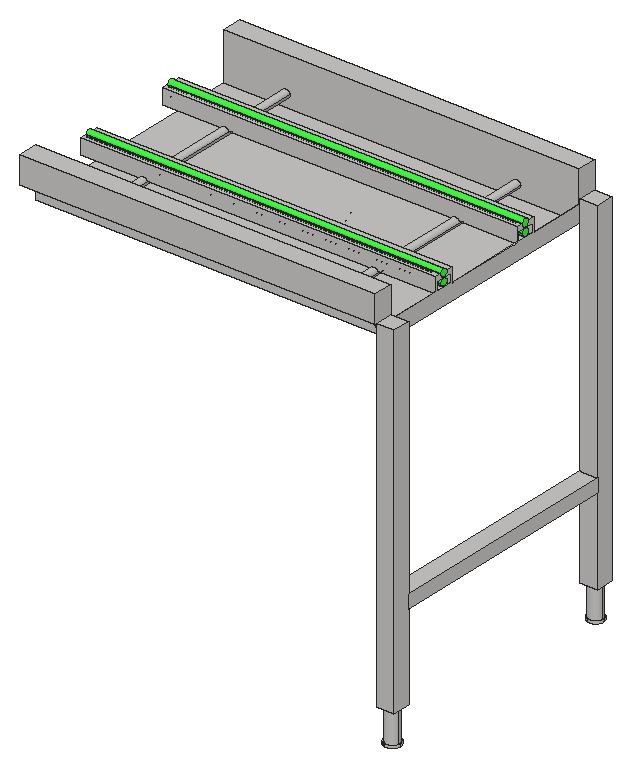
Revit family "QF_ELECTROLUXPROFESSIONAL_863146_HSBCC8", category Specialty Equipment, Revit 2018
Family settings
  Round Connector Dimension = Use Diameter
  Part Type = Normal
  Work Plane-Based = No
  Always vertical = Yes
  Cut with Voids When Loaded = No
  Shared = No
  Room Calculation Point = No
Parameters
  Weight = 0.00 kg
  Watts = 0 W
  Volts = 0 V
  URL Manufacturer = "http://professional.electrolux.com"
  URL = "http://professional.electrolux.com"
  Steam Supply Size = 0 mm
  Steam Supply Minimum Pressure = 0.0 Pa
  Steam Supply Maximum Pressure = 0.0 Pa
  Steam Pounds per Hour = 0
  Refrigeration Suction Line Size = 0 mm
  Refrigeration Liquid Line Size = 0 mm
  Refrigerant Compressor Remote = yes
  Manufacturer = "Electrolux"
  Phase = 0
  Model = "HSBCC8"
  Length Actual = 800 mm  # constant formula
  Item Number = "863146"
  Hot Water Size = 0 mm
  Height Actual = 910 mm  # constant formula
  HP = "0 HP"
  Gas Size = 0 mm
  Gas KW = 0
  Gas Input Pressure = 0 W
  Description = "CORD CONVEYOR FOR BASKETS, L=800 MM"
  Depth Actual = 620 mm  # constant formula
  Cycle = 0 Hz
  Condensate Return Size = 0 mm
  Compressed Air Volume = 0.0 L/s
  Compressed Air Size = 0 mm
  Compressed Air Pressure = 0.0 Pa
  Cold Water Size = 0 mm
  Accessory = yes
Reference planes
  plane 1 "Centro (Fronte/Retro)": y = 74.737
  plane 2: z = 0
  plane 3 "LEFT": x = -1238.761
  plane 4 "BACK": y = 384.737
  plane 5 "FRONT": y = -235.263
  plane 6: z = 910
  plane 7 "RIGHT": x = -438.761
  plane 8: x = -838.761
Forms (mm)
  Extrusion 1, solid, material "QF_Finishes_Stainless Steel"
    sketch origin (11.239, 0, 0) x (0, 1, 0) y (0, 0, 1)
      loop
        line (-235.263, 910) -> (-235.263, 850.033) -> (-190.242, 850.033) -> (-190.242, 910) -> (-235.263, 910)
      loop
        line (384.737, 910) -> (339.716, 910) -> (339.716, 850.033) -> (384.737, 850.033) -> (384.737, 910)
    from -1250 to -451.2
  Extrusion 2, solid, material "QF_Finishes_Stainless Steel"
    sketch origin (11.239, 0, 0) x (0, 1, 0) y (0, 0, 1)
      loop
        line (-191.727, 850.033) -> (-191.727, 800.081) -> (341.245, 800.081) -> (341.245, 850.033) -> (339.716, 850.033) -> (339.716, 803.081) -> (-190.242, 803.081) -> (-190.242, 850.033) -> (-191.727, 850.033)
    from -1250 to -451.2
  Extrusion 3, solid, material "QF_Finishes_Stainless Steel"
    sketch origin (1061.239, 723.253, 4000) x (0, 1, 0) y (0, 0, 1)
      loop
        line (-958.516, -3090) -> (-958.516, -3149.967) -> (-934.752, -3185.632) -> (-915.4, -3185.632) -> (-915.4, -3199.919) -> (-381.633, -3199.919) -> (-381.633, -3185.632) -> (-362.281, -3185.632) -> (-338.516, -3149.967) -> (-338.516, -3090) -> (-383.538, -3090) -> (-383.538, -3161.926) -> (-913.495, -3161.926) -> (-913.495, -3090) -> (-958.516, -3090)
    from -1500 to -1501.2
  Extrusion 4, solid, material "QF_Finishes_Stainless Steel"
    sketch origin (-1477.522, 74.737, 0) x (-1, 0, 0) y (0, 0, -1)
      loop
        line (-1079.929, -300) -> (-1039.929, -300) -> (-1039.929, -270) -> (-1079.929, -270) -> (-1079.929, -300)
    from -266.504 to 266.46
  Revolve 5, solid, material "QF_Finishes_Stainless Steel"
    sketch origin (0, 74.737, 0) x (1, 0, 0) y (0, 0, 1)
      loop
        line (-915.255, 800.081) -> (-915.255, 786.333)
        arc (-915.255, 786.333) -> (-914.651, 784.73) -> (-913.151, 783.903) r 2.474
        arc (-913.151, 783.903) -> (-909.843, 780.044) -> (-913.138, 776.173) r 3.913
        arc (-913.138, 776.173) -> (-914.648, 775.341) -> (-915.255, 773.728) r 2.49
        line (-915.255, 773.728) -> (-915.255, 733.404)
        arc (-915.255, 733.404) -> (-904.605, 702.706) -> (-877.218, 685.219) r 49.516
        line (-877.218, 685.219) -> (-877.218, 682.73) -> (-876.011, 681.079) -> (-876.011, 679.492) -> (-862.231, 673.492) -> (-862.231, 638.761) -> (-860.707, 637.3) -> (-838.761, 637.3) -> (-838.761, 800.081) -> (-915.255, 800.081)
      axis (-838.761, 800.081) -> (-838.761, 637.3)
    angle from 0 to 360
  Extrusion 6, solid, material "QF_Finishes_Stainless Steel"
    sketch origin (0, 74.737, 0) x (1, 0, 0) y (0, 0, 1)
      loop
        circle (-1098.761, 831.05) r 8.5
    from -265 to 264.979
  Extrusion 7, solid, material "QF_Finishes_Stainless Steel"
    sketch origin (2140, 74.737, 0) x (1, 0, 0) y (0, 0, 1)
      loop
        circle (-2718.761, 831.05) r 8.5
    from -265 to 265
  Extrusion 8, solid, material "QF_Finishes_Stainless Steel"
    sketch origin (-438.761, 0, 0) x (0, 1, 0) y (0, 0, 1)
      loop
        line (-62.763, 869.045) -> (-62.763, 835.05) -> (-60.363, 835.05) -> (-60.363, 857.845) -> (-19.763, 857.845) -> (-19.763, 835.05) -> (-17.763, 835.05) -> (-17.763, 869.045) -> (-30.056, 869.045) -> (-35.275, 860.005) -> (-45.251, 860.005) -> (-50.47, 869.045) -> (-62.763, 869.045)
      loop
        line (212.237, 869.045) -> (199.944, 869.045) -> (194.725, 860.005) -> (184.749, 860.005) -> (179.53, 869.045) -> (167.237, 869.045) -> (167.237, 835.05) -> (169.237, 835.05) -> (169.237, 857.845) -> (209.837, 857.845) -> (209.837, 835.05) -> (212.237, 835.05) -> (212.237, 869.045)
    from 0 to -800
  Extrusion 9, solid, material "QF_Finishes_Green"
    sketch origin (-438.761, 0, 0) x (0, 1, 0) y (0, 0, 1)
      loop
        circle (-40.263, 868.505) r 7.5
      loop
        circle (-40.263, 848.505) r 7.5
      loop
        circle (189.737, 868.505) r 7.5
      loop
        circle (189.737, 848.505) r 7.5
    from 0 to -800
Cuts and joins
  joined: Extrusion 1, Extrusion 2, Extrusion 3, Extrusion 6, Extrusion 7, Extrusion 8
Lines and regions (mm)
  Split face 1
    outline origin (-373.782, -239.063, 803.081) x (0, 1, 0) y (-1, 0, 0)
      loop
        circle (313.8, 464.979) r 3
  Split face 2
    outline origin (-373.782, -239.063, 803.081) x (0, 1, 0) y (-1, 0, 0)
      loop
        circle (313.8, 464.979) r 9
  Split face 3
    outline origin (-373.782, -239.063, 803.081) x (0, 1, 0) y (-1, 0, 0)
      loop
        circle (313.8, 464.979) r 26
  Split face 4
    outline origin (-373.782, -239.063, 803.081) x (0, 1, 0) y (-1, 0, 0)
      loop
        circle (313.8, 464.979) r 36
  Split face 5
    outline origin (-373.782, -239.063, 803.081) x (0, 1, 0) y (-1, 0, 0)
      loop
        circle (313.8, 464.979) r 53
  symbolic lines
    curve 1: line (-438.761, 384.737, 0) -> (-1238.761, 384.737, 0)
    curve 2: line (-1238.761, 384.737, 0) -> (-1238.761, -235.263, 0)
    curve 3: line (-1238.761, 339.716, 0) -> (-438.761, 339.716, 0)
    curve 4: line (-1238.761, -235.263, 0) -> (-438.761, -235.263, 0)
    curve 5: line (-438.761, -235.263, 0) -> (-438.761, 384.737, 0)
    curve 6: line (-438.761, -190.242, 0) -> (-1238.761, -190.242, 0)
    curve 7: line (-1238.761, 74.737, 0) -> (-1208.761, 74.737, 0)
    curve 8: line (-438.761, 74.737, 0) -> (-468.761, 74.737, 0)
    curve 9: circle (-838.761, 74.737, 0) r 23.47 normal (0, 0, 1)
    curve 10: line (-438.761, 212.237, 0) -> (-1238.761, 212.237, 0)
    curve 11: line (-1238.761, 167.237, 0) -> (-438.761, 167.237, 0)
    curve 12: line (-438.761, -17.763, 0) -> (-1238.761, -17.763, 0)
    curve 13: line (-1238.761, -62.763, 0) -> (-438.761, -62.763, 0)
    curve 14: line (-1238.761, -47.763, 0) -> (-438.761, -47.763, 0)
    curve 15: line (-1238.761, -32.763, 0) -> (-438.761, -32.763, 0)
    curve 16: line (-1238.761, 197.237, 0) -> (-438.761, 197.237, 0)
    curve 17: line (-1238.761, 182.237, 0) -> (-438.761, 182.237, 0)
    curve 18: line (-1107.261, 339.716, 0) -> (-1107.261, 212.237, 0)
    curve 19: line (-1090.261, 339.716, 0) -> (-1090.261, 212.237, 0)
    curve 20: line (-1090.261, 167.237, 0) -> (-1090.261, -17.763, 0)
    curve 21: line (-1107.261, 167.237, 0) -> (-1107.261, -17.763, 0)
    curve 22: line (-1107.261, -62.763, 0) -> (-1107.261, -190.242, 0)
    curve 23: line (-1090.261, -62.763, 0) -> (-1090.261, -190.242, 0)
    curve 24: line (-587.261, 339.716, 0) -> (-587.261, 212.237, 0)
    curve 25: line (-570.261, 339.716, 0) -> (-570.261, 212.237, 0)
    curve 26: line (-570.261, 167.237, 0) -> (-570.261, -17.763, 0)
    curve 27: line (-587.261, 167.237, 0) -> (-587.261, -17.763, 0)
    curve 28: line (-587.261, -62.763, 0) -> (-587.261, -190.242, 0)
    curve 29: line (-570.261, -62.763, 0) -> (-570.261, -190.242, 0)
Dimensions and locks
  plane 3 "LEFT" to plane 7 "RIGHT" = 800 mm
  equal spacing: plane 4 "BACK", plane 1 "Centro (Fronte/Retro)", plane 5 "FRONT"
  plane 4 "BACK" to plane 5 "FRONT" = 620 mm
  equal spacing: plane 3 "LEFT", plane 8, plane 7 "RIGHT"
  locked: Extrusion 6 sketch curve to plane 3 "LEFT" at 140
  locked: plane 7 "RIGHT" to Extrusion 7 sketch curve at 140
  aligned and locked: level to plane 2
  aligned and locked: curve 9 to Revolve 5
  aligned and locked: plane 8 to Split face 5  (x2)
  aligned and locked: plane 8 to Split face 4  (x2)
  aligned and locked: plane 8 to cut or joined group of Extrusion 1, Extrusion 2, Extrusion 3, Extrusion 6, Extrusion 7, Extrusion 8  (x4)
  aligned and locked: plane 8 to Split face 3  (x2)
  aligned and locked: plane 8 to Split face 2  (x2)
  aligned and locked: plane 8 to Split face 1  (x2)
  aligned and locked: Extrusion 2 to plane 3 "LEFT"
  aligned and locked: Extrusion 1 to plane 3 "LEFT"
  aligned and locked: Extrusion 8 to plane 3 "LEFT"
  aligned and locked: cut or joined group of Extrusion 1, Extrusion 2, Extrusion 3, Extrusion 6, Extrusion 7, Extrusion 8 to plane 3 "LEFT"  (x2)
  aligned and locked: plane 3 "LEFT" to curve 6
  aligned and locked: plane 3 "LEFT" to curve 4
  aligned and locked: Extrusion 9 to plane 3 "LEFT"
Automatic sketch dimensions
  Extrusion 1 sketch curve to plane 5 "FRONT" = 0 mm
  Extrusion 1 sketch curve to plane 6 = 0 mm  (x2)
  Extrusion 1 sketch curve to plane 4 "BACK" = 0 mm
  plane 5 "FRONT" to Extrusion 1 sketch curve = 45.021 mm
  Extrusion 1 sketch curve to plane 4 "BACK" = 45.021 mm
  Extrusion 1 sketch curve to Extrusion 1 sketch curve = 59.967 mm  (x2)
  plane 5 "FRONT" to Extrusion 2 sketch curve = 43.536 mm
  Extrusion 2 sketch curve to Extrusion 2 sketch curve = 1.486 mm
  Extrusion 2 sketch curve to plane 4 "BACK" = 45.021 mm
  Extrusion 2 sketch curve to Extrusion 2 sketch curve = 1.529 mm
  Extrusion 2 sketch curve to plane 6 = 109.919 mm
  Extrusion 2 sketch curve to Extrusion 2 sketch curve = 3 mm
  Extrusion 2 sketch curve to Extrusion 2 sketch curve = 46.952 mm  (x2)
  Extrusion 3 sketch curve to plane 5 "FRONT" = 0 mm
  Extrusion 3 sketch curve to plane 6 = 0 mm  (x2)
  Extrusion 3 sketch curve to plane 4 "BACK" = 0 mm
  plane 5 "FRONT" to Extrusion 3 sketch curve = 23.764 mm
  Extrusion 3 sketch curve to Extrusion 3 sketch curve = 19.352 mm  (x2)
  plane 5 "FRONT" to Extrusion 3 sketch curve = 45.021 mm
  Extrusion 3 sketch curve to plane 4 "BACK" = 45.021 mm
  Extrusion 3 sketch curve to Extrusion 3 sketch curve = 1.905 mm
  Extrusion 3 sketch curve to Extrusion 3 sketch curve = 59.967 mm  (x2)
  Extrusion 3 sketch curve to Extrusion 3 sketch curve = 11.959 mm
  Extrusion 3 sketch curve to Extrusion 3 sketch curve = 23.706 mm  (x2)
  Extrusion 3 sketch curve to Extrusion 3 sketch curve = 14.287 mm
  Extrusion 4 sketch curve to plane 7 "RIGHT" = 41.168 mm
  Extrusion 4 sketch curve to plane 7 "RIGHT" = 1.168 mm
  Extrusion 4 sketch curve to level = 270 mm
  Extrusion 4 sketch curve to Extrusion 4 sketch curve = 30 mm
  Extrusion 6 sketch curve to plane 6 = 78.95 mm
  Extrusion 7 sketch curve to plane 6 = 78.95 mm
  plane 1 "Centro (Fronte/Retro)" to Extrusion 8 sketch curve = 137.5 mm
  Extrusion 8 sketch curve to Extrusion 8 sketch curve = 2.4 mm  (x2)
  Extrusion 8 sketch curve to plane 6 = 40.955 mm  (x3)
  Extrusion 8 sketch curve to Extrusion 8 sketch curve = 12.293 mm  (x2)
  Extrusion 8 sketch curve to Extrusion 8 sketch curve = 5.219 mm  (x4)
  Extrusion 8 sketch curve to Extrusion 8 sketch curve = 9.976 mm  (x2)
  Extrusion 8 sketch curve to Extrusion 8 sketch curve = 10.293 mm
  Extrusion 8 sketch curve to Extrusion 8 sketch curve = 2 mm  (x2)
  Extrusion 8 sketch curve to plane 1 "Centro (Fronte/Retro)" = 92.5 mm
  Extrusion 8 sketch curve to plane 6 = 49.995 mm
  Extrusion 8 sketch curve to Extrusion 8 sketch curve = 9.893 mm
  Extrusion 8 sketch curve to Extrusion 8 sketch curve = 11.2 mm
  Extrusion 8 sketch curve to Extrusion 8 sketch curve = 2.16 mm
  Extrusion 8 sketch curve to Extrusion 8 sketch curve = 22.795 mm  (x4)
  Extrusion 8 sketch curve to Extrusion 8 sketch curve = 9.04 mm  (x2)
  plane 1 "Centro (Fronte/Retro)" to Extrusion 9 sketch curve = 115 mm
  Extrusion 9 sketch curve to Extrusion 9 sketch curve = 0 mm  (x2)
  Extrusion 9 sketch curve to plane 1 "Centro (Fronte/Retro)" = 115 mm
  Extrusion 9 sketch curve to plane 6 = 61.495 mm  (x2)
  Extrusion 9 sketch curve to Extrusion 9 sketch curve = 20 mm  (x2)
  plane 1 "Centro (Fronte/Retro)" to curve 7 = 0 mm
  plane 1 "Centro (Fronte/Retro)" to curve 8 = 0 mm
  curve 15 to plane 7 "RIGHT" = 0 mm
  curve 4 to plane 5 "FRONT" = 0 mm
  curve 2 to plane 4 "BACK" = 0 mm
  plane 3 "LEFT" to curve 7 = 30 mm
  curve 18 to plane 4 "BACK" = 45.021 mm
  plane 3 "LEFT" to curve 18 = 131.5 mm
  plane 5 "FRONT" to curve 22 = 45.021 mm
  plane 3 "LEFT" to curve 22 = 131.5 mm
  curve 21 to curve 18 = 0 mm
  curve 18 to curve 19 = 17 mm
  curve 21 to curve 20 = 17 mm
  curve 22 to curve 23 = 17 mm
  curve 28 to plane 7 "RIGHT" = 148.5 mm
  curve 24 to plane 7 "RIGHT" = 148.5 mm
  curve 27 to curve 28 = 0 mm
  curve 27 to curve 26 = 17 mm
  curve 24 to curve 25 = 17 mm
  curve 28 to curve 29 = 17 mm
  curve 8 to plane 7 "RIGHT" = 30 mm
  curve 13 to curve 14 = 15 mm
  curve 14 to curve 15 = 15 mm
  curve 15 to curve 12 = 15 mm
  curve 11 to curve 17 = 15 mm
  curve 16 to curve 10 = 15 mm
  Revolve 5 sketch curve to plane 8 = 0 mm  (x2)
  Revolve 5 sketch curve to Revolve 5 sketch curve = 21.946 mm
  Revolve 5 sketch curve to Revolve 5 sketch curve = 1.524 mm
  Revolve 5 sketch curve to plane 8 = 26.978 mm
  Revolve 5 sketch curve to Revolve 5 sketch curve = 13.78 mm
  Revolve 5 sketch curve to Revolve 5 sketch curve = 1.206 mm
  Revolve 5 sketch curve to Revolve 5 sketch curve = 47.026 mm
  Revolve 5 sketch curve to Revolve 5 sketch curve = 0.016 mm  (x3)
  Revolve 5 sketch curve to Revolve 5 sketch curve = 0.976 mm
  Revolve 5 sketch curve to Revolve 5 sketch curve = 2.474 mm
  Revolve 5 sketch curve to Revolve 5 sketch curve = 2.49 mm
  Revolve 5 sketch curve to Revolve 5 sketch curve = 0 mm
  Revolve 5 sketch curve to plane 6 = 272.7 mm
  Revolve 5 sketch curve to Revolve 5 sketch curve = 1.461 mm
  Revolve 5 sketch curve to Revolve 5 sketch curve = 34.731 mm
  Revolve 5 sketch curve to Revolve 5 sketch curve = 6 mm
  Revolve 5 sketch curve to Revolve 5 sketch curve = 1.588 mm
  Revolve 5 sketch curve to Revolve 5 sketch curve = 1.651 mm
  Revolve 5 sketch curve to Revolve 5 sketch curve = 2.488 mm
  Revolve 5 sketch curve to Revolve 5 sketch curve = 48.167 mm
  Revolve 5 sketch curve to Revolve 5 sketch curve = 40.307 mm
  Revolve 5 sketch curve to Revolve 5 sketch curve = 6.326 mm
  Revolve 5 sketch curve to Revolve 5 sketch curve = 6.296 mm
  Revolve 5 sketch curve to Revolve 5 sketch curve = 13.748 mm
  Revolve 5 sketch curve to Revolve 5 sketch curve = 0.373 mm
  Revolve 5 sketch curve to Revolve 5 sketch curve = 38.557 mm
  plane 6 to Revolve 5 sketch curve = 8.743 mm
  cut or joined group of Extrusion 1, Extrusion 2, Extrusion 3, Extrusion 6, Extrusion 7, Extrusion 8 to Split face 1 sketch curve = 264.979 mm
  cut or joined group of Extrusion 1, Extrusion 2, Extrusion 3, Extrusion 6, Extrusion 7, Extrusion 8 to Split face 1 sketch curve = 398.8 mm
  cut or joined group of Extrusion 1, Extrusion 2, Extrusion 3, Extrusion 6, Extrusion 7, Extrusion 8 to Split face 2 sketch curve = 264.979 mm
  cut or joined group of Extrusion 1, Extrusion 2, Extrusion 3, Extrusion 6, Extrusion 7, Extrusion 8 to Split face 2 sketch curve = 398.8 mm
  cut or joined group of Extrusion 1, Extrusion 2, Extrusion 3, Extrusion 6, Extrusion 7, Extrusion 8 to Split face 3 sketch curve = 264.979 mm
  cut or joined group of Extrusion 1, Extrusion 2, Extrusion 3, Extrusion 6, Extrusion 7, Extrusion 8 to Split face 3 sketch curve = 398.8 mm
  cut or joined group of Extrusion 1, Extrusion 2, Extrusion 3, Extrusion 6, Extrusion 7, Extrusion 8 to Split face 4 sketch curve = 264.979 mm
  cut or joined group of Extrusion 1, Extrusion 2, Extrusion 3, Extrusion 6, Extrusion 7, Extrusion 8 to Split face 4 sketch curve = 398.8 mm
  cut or joined group of Extrusion 1, Extrusion 2, Extrusion 3, Extrusion 6, Extrusion 7, Extrusion 8 to Split face 5 sketch curve = 264.979 mm
  cut or joined group of Extrusion 1, Extrusion 2, Extrusion 3, Extrusion 6, Extrusion 7, Extrusion 8 to Split face 5 sketch curve = 398.8 mm
  curve 6 to curve 13 = 127.479 mm
  curve 20 to curve 19 = 45 mm
  curve 26 to plane 1 "Centro (Fronte/Retro)" = 92.5 mm
  radius of Extrusion 6 sketch curve = 8.5 mm
  radius of Extrusion 7 sketch curve = 8.5 mm
  radius of Extrusion 9 sketch curve = 7.5 mm  (x4)
  radius of Split face 1 sketch curve = 3 mm
  radius of Split face 2 sketch curve = 9 mm
  radius of Split face 3 sketch curve = 26 mm
  radius of Split face 4 sketch curve = 36 mm
  radius of Split face 5 sketch curve = 53 mm
Nested families
  nested 1: "Foot_40x40" at (-417.593, 361.245, 0) x (-1, 0, 0) z (0, 0, 1), type "Foot_40x40"
    with A 850.033 mm
  nested 2: "Foot_40x40" at (-417.593, -211.771, 0) x (-1, 0, 0) z (0, 0, 1), type "Foot_40x40"
    with A 850.033 mm
Connectors
  piping at (-838.761, 74.737, 637.3), diameter 40
    settings: on Revolve 5, index 1, connector inside diameter 609.6 mm, connector length 0 mm, flow factor 0, pipe flow 0.0 L/s, pressure drop 0.0 Pa, fitting loss kfactor 0, connector angle 0.00°, fixture units 0, engagement length 0 mm, angle of deflection 0.00°, flow configuration 1, flow direction 2, fitting loss method 0, system type 16, joint type 0, gender type 0, connector reference index -1, connector utility 0, adjustable connector no, is connector primary yes, connector description "Drain"
Definition of nested family "Foot_40x40"
  Parameters
    A [instance] = 850 mm
  Reference planes
    plane 1 "Centro (Fronte/Retro)": y = 0
    plane 2: z = 0
    plane 3 "Centro (Sinistra/Destra)": x = 0
    plane 4: z = 850
  Forms (mm)
    Extrusion 1, solid
      sketch origin (0, 0, 0) x (1, 0, 0) y (0, 1, 0)
        loop
          circle (0, 0) r 18
      from 0 to 5
    Extrusion 2, solid
      sketch origin (0, 0, 5) x (1, 0, 0) y (0, 1, 0)
        loop
          circle (0, 0) r 15
      from 0 to 70
    Extrusion 3, solid
      sketch origin (0, 0, 75) x (1, 0, 0) y (0, 1, 0)
        loop
          line (-20, 20) -> (-20, -20) -> (20, -20) -> (20, 20) -> (-20, 20)
      from 0 to 775
  Dimensions and locks
    "A": plane 4 to plane 2
    aligned and locked: level to plane 2
    aligned and locked: plane 4 to Extrusion 3
    aligned and locked: Extrusion 1 to level
  Automatic sketch dimensions
    plane 1 "Centro (Fronte/Retro)" to Extrusion 1 sketch curve = 0 mm
    Extrusion 1 sketch curve to plane 3 "Centro (Sinistra/Destra)" = 0 mm
    Extrusion 3 sketch curve to Extrusion 3 sketch curve = 40 mm  (x2)
    radius of Extrusion 1 sketch curve = 18 mm
    radius of Extrusion 2 sketch curve to Extrusion 1 = 3 mm
